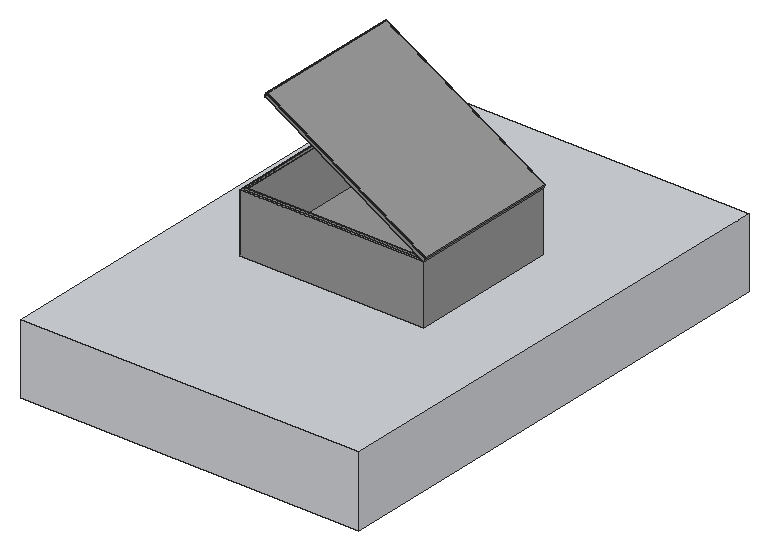
Revit family "Hager-Univers-IP55-D275-H650-Cl.I-Steel_encl-CH-fr", category Equipement électrique, Revit 2020
Family settings
  Hôte = Face
  Configuration du panneau = Deux colonnes, circuits au sein
  Cote de connecteur circulaire = Utiliser le diamètre
  Type d'élément = Tableau de raccordement
  Couper avec des vides une fois chargée = Non
  Partagée = Non
  Point de calcul de pièce = Non
Parameters (values of type "saillie IP55 L800 H650 P275  - FR43E")
  Width Control [instance] = if([EF000008 - largeur] > Min Width, [EF000008 - largeur], Min Width)  # 800 mm
  Commentaires du type = [HG000003 - Gamme]  # "Univers"
  Thickness Door [instance] = if([EF009171 - épaisseur de matériau de la porte/du couvercle] > 3 mm, 3 mm, [EF009171 - épaisseur de matériau de la porte/du couvercle])  # 1.5 mm
  Seal Frame Offset [instance] = 17 mm  # constant formula
  Plinth Visibility [instance] = [HG000027 - Hauteur du socle] > 0 mm  # no
  Model = ""
  Min Width [instance] = 100 mm  # constant formula
  Min Height [instance] = 100 mm  # constant formula
  Min Depth [instance] = (2 * [EF009170 - épaisseur de matériau du boîtier]) + 1 mm  # 4 mm
  Internal Frame Depth [instance] = (Door System Depth * 0.5)  # 9 mm
  Height Control [instance] = if([EF000040 - hauteur] > Min Height, [EF000040 - hauteur], Min Height)  # 650 mm
  HG000027 - Hauteur du socle = 0 mm
  HG000026 - Installation au sol = no
  HG000024 - Hauteur de la section basse = 800 mm
  HG000023 - Armoire double section = no
  HG000016 - Visibilité de la porte 3D [instance] = yes
  HG000015 - Visibilité de l'emprise de la porte [instance] = no
  HG000014 - Porte à droite [instance] = yes
  HG000013 - Porte à gauche [instance] = not([HG000014 - Porte à droite])  # no
  HG000012 - Angle de pivotement de la porte [instance] = 30.00°
  HG000010 - Portes asymétriques = no
  HG000009 - Porte à double battant = no
  HG000006 - Encastré = no
  HG000004 - Référence fabricant = "FR43E"
  HG000003 - Gamme = "Univers"
  HG000002 - avec porte = yes
  Frame Offset Bottom [instance] = 10 mm  # constant formula
  Frame Offset [instance] = 15 mm  # constant formula
  EF015940 - couvercle avec décharge de pression = no
  EF011959 - degré de protection (NEMA) = ""
  EF009554 - nombre d'ouvertures pour plaques à bride = 6
  Fabricant = "Hager"  # constant formula
  EF009212 - finition du couvercle = "EV000116 - fermé"
  EF009171 - épaisseur de matériau de la porte/du couvercle = 1.5 mm
  EF009170 - épaisseur de matériau du boîtier = 1.5 mm
  EF008873 - courant nominal (In) = 800 A
  EF007800 - adapté à un parafoudre = no
  EF006306 - avec serrure = no
  EF006244 - couvercle/porte transparent(e) = no
  EF005474 - indice de protection (IP) = "EV006420 - IP55"
  EF004464 - type de porte = "EV002646 - unique"
  EF004427 - nombre de modules = 144
  EF004293 - indice de protection contre les chocs (IK) = "EV008784 - IK10"
  EF003532 - convient pour utilisation à l’extérieur = no
  EF002950 - largeur en nombre de modules = 24
  EF001613 - maintien de fonction = "EV000494 - sans"
  EF001596 - matériau du boîtier/corps = "EV000179 - acier"
  EF001131 - profondeur intérieure = 275 mm
  EF001088 - possibilité de montage en saillie = yes
  EF000437 - nombre d'entrées de conduit = 6
  EF000339 - type de capot = "EV004216 - porte"
  EF000266 - nombre de rangées = 4
  EF000218 - profondeur d'encastrement = 0 mm
  EF000118 - avec cadre/support de montage = no
  EF000116 - numéro RAL = "7035"
  EF000049 - profondeur = 275 mm
  EF000040 - hauteur = 650 mm
  EF000008 - largeur = 800 mm
  EF000007 - couleur = "EV000270 - gris"
  EF000003 - mode de pose = "EV000384 - saillie"
  Door System Leaf Tolerance [instance] = 1.5 mm  # constant formula
  Door System Depth [instance] = 18 mm  # constant formula
  Door Height [instance] = Height Control - [HG000027 - Hauteur du socle]  # 650 mm
  Depth Control [instance] = if([EF000049 - profondeur] > Min Depth, [EF000049 - profondeur], Min Depth)  # 275 mm
  Default Elevation = 0 mm
  Connector Offset [instance] = Height Control / 2  # 325 mm
  Bottom Top Plate Trim [instance] = 1.5 mm  # constant formula
  Plinth height Ctrl [instance] = if([HG000027 - Hauteur du socle] > 0 mm, [HG000027 - Hauteur du socle], 12 mm)  # 12 mm
Types (5, lengths in mm): name | Width Control | HG000010 - Portes asymétriques | HG000009 - Porte à double battant | HG000004 - Référence fabricant | EF009554 - nombre d'ouvertures pour plaques à bride | EF004464 - type de porte | EF004427 - nombre de modules | EF000437 - nombre d'entrées de conduit | EF000008 - largeur
  saillie IP55 L1050 H650 P275  - FR44E | 1050 | no | yes | "FR44E" | 8 | "EV003602 - double" | 192 | 8 | 1050
  saillie IP55 L1300 H650 P275  - FR45E | 1300 | yes | yes | "FR45E" | 10 | "EV003602 - double" | 240 | 10 | 1300
  saillie IP55 L300 H650 P275  - FR41E | 300 | no | no | "FR41E" | 2 | "EV002646 - unique" | 48 | 2 | 300
  saillie IP55 L550 H650 P275  - FR42E | 550 | no | no | "FR42E" | 4 | "EV002646 - unique" | 96 | 4 | 550
  saillie IP55 L800 H650 P275  - FR43E | 800 | no | no | "FR43E" | 6 | "EV002646 - unique" | 144 | 6 | 800
Reference planes
  plane 1 "Center (Front/Back)": y = 0
  plane 2: z = 0
  plane 3 "Center (Left/Right)": x = 0
  plane 4: z = 275
  plane 5: y = 1.5
  plane 6: y = 325
  plane 7: y = 0
  plane 8: y = 650
  plane 9: z = 0
  plane 10: x = -385
  plane 11: x = 385
  plane 12: x = 383.5
  plane 13: x = -383.5
  plane 14: y = 648.5
  plane 15: x = -383
  plane 16: x = -400
  plane 17: x = 383
  plane 18: x = 400
  plane 19: x = 398.5
  plane 20: x = -398.5
  plane 21: y = 11.5
  plane 22: y = 650
  plane 23: y = 633.5
  plane 24: z = 257
  plane 25: z = 1.5
  plane 26: z = 255.5
  plane 27: z = 273.5
Forms (mm)
  Extrusion 1, solid
    sketch origin (0, 0, 0) x (1, 0, 0) y (0, 1, 0)
      loop
        line (-702.964, 1305) -> (-702.964, -811.445) -> (766.763, -811.445) -> (766.763, 1305) -> (-702.964, 1305)
    from 0 to -304.8
  Extrusion 2, solid, material "Hager_Steel_RAL7035_Light_Grey", visible <- "Plinth Visibility", detail levels medium+fine
    sketch origin (0, 0, 0) x (1, 0, 0) y (0, 1, 0)
      loop
        line (-400, 0) -> (400, 0) -> (400, 12) -> (-400, 12) -> (-400, 0)
    from 0 to 257
  Extrusion 3, solid, material "Hager_Steel_RAL7035_Light_Grey", detail levels medium+fine
    sketch origin (0, 0, 0) x (1, 0, 0) y (0, 1, 0)
      loop
        line (-400, 0) -> (400, 0) -> (400, 650) -> (-400, 650) -> (-400, 0)
    from 0 to 257
  Extrusion 4, void
    sketch origin (0, 0, 0) x (1, 0, 0) y (0, 1, 0)
      loop
        line (-398.5, 1.5) -> (398.5, 1.5) -> (398.5, 648.5) -> (-398.5, 648.5) -> (-398.5, 1.5)
    from 1.5 to 255.5
  Extrusion 5, void
    sketch origin (-381.607, -4572, 257) x (0, -1, 0) y (-1, 0, 0)
      loop
        line (-4583.5, 1.893) -> (-5205.5, 1.893) -> (-5205.5, -765.107) -> (-4583.5, -765.107) -> (-4583.5, 1.893)
    from 0 to 1.5 <- "EF009170 - épaisseur de matériau du boîtier"
  Extrusion 6, solid, material "Hager_Steel_RAL7035_Light_Grey", detail levels fine
    sketch origin (0, 0, 257) x (1, 0, 0) y (0, 1, 0)
      loop
        line (-383.5, 633.5) -> (-383.5, 11.5) -> (383.5, 11.5) -> (383.5, 633.5) -> (-383.5, 633.5)
      loop
        line (-385, 10) -> (385, 10) -> (385, 635) -> (-385, 635) -> (-385, 10)
    from 0 to 9 <- "Internal Frame Depth"
  Extrusion 7, solid, material "Hager_Steel_RAL7035_Light_Grey", detail levels coarse
    sketch origin (0, 0, 0) x (1, 0, 0) y (0, 1, 0)
      loop
        line (-400, 0) -> (400, 0) -> (400, 650) -> (-400, 650) -> (-400, 0)
    from 0 to 275
  Sweep 8, void
    path in 3D
      loop
        line (-400, 12, 0) -> (400, 12, 0) -> (400, 12, 257) -> (-400, 12, 257) -> (-400, 12, 0)
    profile origin (-400, 12, 128.5) x (-1, 0, 0) y (0, -1, 0)
      loop
        line (0, 0) -> (0, 1.5) -> (-1.5, 1.5)
        arc (-1.5, 1.5) -> (-1.061, 0.439) -> (0, 0) r 1.5
Cuts and joins
  Extrusion 4, Extrusion 5 cuts Extrusion 3
  Sweep 8 cuts Extrusion 2
Lines and regions (mm)
  Masking region 1
    outline origin (0, 0, 0) x (1, 0, 0) y (0, 0, 1)
      loop
        line (-400, 275) -> (-400, 0) -> (400, 0) -> (400, 275) -> (-400, 275)
  Masking region 2, detail levels medium+fine
    outline origin (0, 140, 0) x (0, 1, 0) y (0, 0, 1)
      loop
        line (-140, 0) -> (510, 0) -> (510, 257) -> (-140, 257) -> (-140, 0)
  Masking region 3, not visible, detail levels medium+fine
    outline origin (0, 297.922, 0) x (0, 1, 0) y (0, 0, 1)
      loop
        line (38.578, 0) -> (78.578, 0) -> (78.578, 263.5)
        arc (78.578, 263.5) -> (75.649, 270.571) -> (68.578, 273.5) r 10
        line (68.578, 273.5) -> (38.578, 273.5) -> (38.578, 0)
  Masking region 4, detail levels coarse
    outline origin (0, 0, 180) x (0, 1, 0) y (0, 0, 1)
      loop
        line (0, -180) -> (650, -180) -> (650, 95) -> (0, 95) -> (0, -180)
  Masking region 5, visible <- "Plinth Visibility", detail levels medium+fine
    outline origin (0, 52.24, 12.345) x (0, 0, -1) y (0, 1, 0)
      loop
        line (10.845, -40.24) -> (-243.155, -40.24)
        arc (-243.155, -40.24) -> (-243.594, -41.301) -> (-244.655, -41.74) r 1.5
        line (-244.655, -41.74) -> (-244.655, -52.24) -> (12.345, -52.24) -> (12.345, -41.74)
        arc (12.345, -41.74) -> (11.285, -41.301) -> (10.845, -40.24) r 1.5
  Masking region 6, detail levels medium+fine
    outline origin (-381.607, -4572, 257) x (-1, 0, 0) y (0, -1, 0)
      loop
        line (18.393, -5222) -> (18.393, -4572) -> (-781.607, -4572) -> (-781.607, -5222) -> (18.393, -5222)
  Masking region 7, visible <- "Plinth Visibility", detail levels medium+fine
    outline origin (-381.607, -4727, 257) x (-1, 0, 0) y (0, -1, 0)
      loop
        arc (16.893, -4739) -> (17.332, -4737.939) -> (18.393, -4737.5) r 1.5
        line (18.393, -4737.5) -> (18.393, -4727) -> (-781.607, -4727) -> (-781.607, -4737.5)
        arc (-781.607, -4737.5) -> (-780.546, -4737.939) -> (-780.107, -4739) r 1.5
        line (-780.107, -4739) -> (16.893, -4739)
  Masking region 8, detail levels coarse
    outline origin (-442.548, -4669.526, 257) x (-1, 0, 0) y (0, -1, 0)
      loop
        line (-42.548, -5319.526) -> (-42.548, -4669.526) -> (-842.548, -4669.526) -> (-842.548, -5319.526) -> (-42.548, -5319.526)
  sketch lines
    curve 1: line (-400, 12, 257) -> (-400, 12, 0)
    curve 2: line (400, 12, 257) -> (-400, 12, 257)
    curve 3: line (400, 12, 257) -> (400, 12, 0)
    curve 4: line (-400, 12, 0) -> (400, 12, 0)
Dimensions and locks
  "Depth Control": plane 4 to Extrusion 1
  "HG000027 - Hauteur du socle": plane 1 "Center (Front/Back)" to plane 7
  "EF009170 - épaisseur de matériau du boîtier": plane 5 to plane 7
  locked: connector elem to plane 3 "Center (Left/Right)"
  equal spacing: plane 8, plane 6, plane 7
  locked: connector elem to plane 6
  "EF009170 - épaisseur de matériau du boîtier": plane 8 to plane 14
  "EF009170 - épaisseur de matériau du boîtier": plane 10 to plane 13
  "EF009170 - épaisseur de matériau du boîtier": plane 12 to plane 11
  "Frame Offset": plane 20 to plane 13
  "Frame Offset": plane 12 to plane 19
  "EF009170 - épaisseur de matériau du boîtier": plane 16 to plane 20
  "EF009170 - épaisseur de matériau du boîtier": plane 19 to plane 18
  "Seal Frame Offset": plane 16 to plane 15
  "Seal Frame Offset": plane 17 to plane 18
  "Frame Offset Bottom": plane 21 to plane 5
  "Frame Offset": plane 14 to plane 23
  equal spacing: plane 16, plane 3 "Center (Left/Right)", plane 18
  "Width Control": plane 16 to plane 18
  "EF009170 - épaisseur de matériau du boîtier": plane 4 to plane 27
  "EF009170 - épaisseur de matériau du boîtier": plane 24 to plane 26
  "EF009170 - épaisseur de matériau du boîtier": plane 25 to level
  "Door System Depth": plane 4 to plane 24
  "Height Control": plane 1 "Center (Front/Back)" to Extrusion 7 sketch curve
  "Height Control": Masking region 4 sketch curve to plane 1 "Center (Front/Back)"
  "Height Control": plane 1 "Center (Front/Back)" to plane 22
  "Bottom Top Plate Trim": profile plane to Sweep 8 sketch curve
  "Bottom Top Plate Trim": Sweep 8 sketch curve to profile plane
  "Plinth height Ctrl": plane 1 "Center (Front/Back)" to Extrusion 2 sketch curve
  "Plinth height Ctrl": Masking region 5 sketch curve to plane 1 "Center (Front/Back)"
  "Plinth height Ctrl": plane 1 "Center (Front/Back)" to Masking region 7 sketch curve
  "Thickness Door": Extrusion 6 sketch curve to Extrusion 6 sketch curve  (x3)
  "Thickness Door": cut or joined group of Extrusion 3, Extrusion 4, Extrusion 5 to Extrusion 6 sketch curve
  radius of Masking region 3 sketch curve = 10 mm
  "Bottom Top Plate Trim": radius of Masking region 5 sketch curve  (x2)
  "Bottom Top Plate Trim": radius of Sweep 8 sketch curve
  "Bottom Top Plate Trim": radius of Masking region 7 sketch curve  (x2)
  aligned and locked: plane 2 to Extrusion 1
  aligned and locked: level to Extrusion 1
  aligned and locked: level to Masking region 1 sketch curve
  aligned and locked: Masking region 1 sketch curve to plane 18
  aligned and locked: Masking region 1 sketch curve to plane 16
  aligned and locked: plane 7 to Masking region 2 sketch curve
  aligned and locked: level to Masking region 3 sketch curve
  aligned and locked: Masking region 3 sketch curve to plane 27
  aligned and locked: level to Masking region 2 sketch curve
  aligned and locked: plane 1 "Center (Front/Back)" to Extrusion 2 sketch curve
  aligned and locked: Extrusion 3 sketch curve to plane 7
  aligned and locked: plane 16 to Extrusion 3 sketch curve
  aligned and locked: plane 18 to Extrusion 3 sketch curve
  aligned and locked: plane 20 to Extrusion 4 sketch curve
  aligned and locked: plane 19 to Extrusion 4 sketch curve
  aligned and locked: Extrusion 4 sketch curve to plane 5
  aligned and locked: Extrusion 4 to plane 25
  aligned and locked: plane 26 to Extrusion 4
  aligned and locked: plane 24 to Extrusion 3
  aligned and locked: Extrusion 5 sketch curve to plane 21
  aligned and locked: Extrusion 5 sketch curve to plane 13
  aligned and locked: Extrusion 5 sketch curve to plane 12
  aligned and locked: plane 18 to Extrusion 7 sketch curve
  aligned and locked: plane 1 "Center (Front/Back)" to Extrusion 7 sketch curve
  aligned and locked: plane 16 to Extrusion 7 sketch curve
  aligned and locked: plane 4 to Extrusion 7
  aligned and locked: Extrusion 7 to level
  aligned and locked: level to Masking region 4 sketch curve
  aligned and locked: Masking region 4 sketch curve to plane 1 "Center (Front/Back)"
  aligned and locked: Masking region 4 sketch curve to plane 4
  aligned and locked: nested 1 to level
  aligned and locked: nested 1 to plane 16
  aligned and locked: plane 8 to Extrusion 3 sketch curve
  aligned and locked: plane 23 to Extrusion 5 sketch curve
  aligned and locked: plane 14 to Extrusion 4 sketch curve
  aligned and locked: Masking region 2 sketch curve to plane 8
  aligned and locked: level to Masking region 5 sketch curve
  aligned and locked: plane 16 to Extrusion 2 sketch curve
  aligned and locked: plane 18 to Extrusion 2 sketch curve
  aligned and locked: Masking region 5 sketch curve to plane 24
  aligned and locked: Masking region 2 sketch curve to plane 24
  aligned and locked: plane 24 to Extrusion 2
  aligned and locked: profile plane to Sweep 8 sketch curve  (x2)
  aligned and locked: Masking region 6 sketch curve to plane 18
  aligned and locked: Masking region 6 sketch curve to plane 22
  aligned and locked: Masking region 6 sketch curve to plane 16
  aligned and locked: plane 8 to plane 22
  aligned and locked: Masking region 6 sketch curve to plane 7
  aligned and locked: Masking region 7 sketch curve to plane 16
  aligned and locked: Masking region 7 sketch curve to plane 1 "Center (Front/Back)"
  aligned and locked: Masking region 7 sketch curve to plane 18
  aligned and locked: Masking region 8 sketch curve to plane 1 "Center (Front/Back)"
  aligned and locked: Masking region 8 sketch curve to plane 18
  aligned and locked: Masking region 8 sketch curve to plane 22
  aligned and locked: Masking region 8 sketch curve to plane 16
  aligned and locked: nested 2 to plane 7
  aligned and locked: plane 3 "Center (Left/Right)" to nested 2
  aligned and locked: nested 2 to plane 24
  aligned and locked: Extrusion 6 sketch curve to cut or joined group of Extrusion 3, Extrusion 4, Extrusion 5  (x4)
Automatic sketch dimensions
  Extrusion 1 sketch curve to Extrusion 1 sketch curve = 1469.727 mm
  Extrusion 1 sketch curve to Extrusion 1 sketch curve = 2116.445 mm
  Masking region 1 sketch curve to plane 4 = 0 mm
  plane 6 to Masking region 3 sketch curve = 11.5 mm
  Masking region 3 sketch curve to Masking region 3 sketch curve = 30 mm
  Masking region 5 sketch curve to plane 1 "Center (Front/Back)" = 0 mm
Nested families
  nested 1: "Hager_Enclosure_Symbol" at (-400, 0, 0) x (1, 0, 0) z (0, -1, 0), Height <- "Depth Control", Width <- "Width Control", type "Hager_Enclosure_Symbol"
    with Width_Ctrl 800 mm, Width 800 mm, Height_Ctrl 275 mm, Height 275 mm, A_Width_Int 18.047 mm, A_Width 216.562 mm, A_Height_Ctrl 240.625 mm, A_Height 240.625 mm
  nested 2: "EC000058_Univers_Door" at (0, 0, 257) x (1, 0, 0) z (0, 1, 0), Leaf_Tolerance <- "Door System Leaf Tolerance", Angle <- "HG000012 - Angle de pivotement de la porte", Door_Depth <- "Door System Depth", Door_Left <- "HG000013 - Porte à gauche", Transparent <- "EF006244 - couvercle/porte transparent(e)", Assymetrical <- "HG000010 - Portes asymétriques", Width <- "Width Control", Clearance <- "HG000015 - Visibilité de l'emprise de la porte", Double <- "HG000009 - Porte à double battant", 3d_Door <- "HG000016 - Visibilité de la porte 3D", Lock_Visibility <- "EF006306 - avec serrure", Width_Ctrl <- "Width Control", Door_Right <- "HG000014 - Porte à droite", Door <- "HG000002 - avec porte", Height <- "Door Height", Thickness <- "Thickness Door", type "EC000058_Univers_Door", detail levels medium+fine
    with min_wh 4 mm, Width_Ctrl 800 mm, Width 800 mm, Transparent no, Thickness 1.5 mm, Seal_Material Hager_Rubber, Lock_Visibility no, Lock_Material Hager_Plastic_RAL9005_Jet_Black, Leaf_Width 800 mm, Leaf_Tolerance_External_Sides 0 mm, Leaf_Tolerance 1.5 mm, Leaf_Offset 0 mm, Leaf_Height 647 mm, Leaf_2_Width 800 mm, Leaf_2_Offset 400 mm, Leaf_1_Width 800 mm, Leaf_1_Offset 400 mm, Height_Ctrl 650 mm, Height 650 mm, Glass_Material Hager_Glass, Double_Clearance_Ctrl no, Double no, Door_Right_Ctrl yes, Door_Right yes, Door_Material Hager_Steel_RAL7035_Light_Grey, Door_Left_Ctrl no, Door_Left no, Door_Depth 18 mm, Door yes, Clearance_Material Hager_Clearance, Clearance_Depth 800 mm, Clearance_Ctrl no, Clearance no, Assymetrical no, Angle 30.00°, 3d_Door yes
Connectors
  electrical at (0, 325, 0)
    settings: on plane 9, index 1, voltage 0 V, apparent load 0 VA, apparent load phase1 0 VA, apparent load phase2 0 VA, apparent load phase3 0 VA, power factor 1, load classification "Other", number of poles 1, system type 30, power factor state 1, is connector primary yes, connector utility no, sub classification motor no, connector description ""
Definition of nested family "EC000058_Univers_Door"
  Parameters (values of type "EC000058_Univers_Door")
    min_wh [instance] = (2 * Thickness) + 1 mm  # 11 mm
    Width_Ctrl [instance] = 400 mm
    Width [instance] = 500 mm
    Transparent [instance] = yes
    Thickness [instance] = 5 mm
    Seal_Material [instance] = none
    Lock_Visibility [instance] = yes
    Lock_Material [instance] = none
    Leaf_Width [instance] = if((Width_Ctrl - 2 * Leaf_Tolerance_External_Sides) > 0 mm, (Width_Ctrl - 2 * Leaf_Tolerance_External_Sides), min_wh)  # 400 mm
    Leaf_Tolerance_External_Sides [instance] = 0 mm  # constant formula
    Leaf_Tolerance [instance] = 1.5 mm
    Leaf_Offset [instance] = 0 mm  # constant formula
    Leaf_Height [instance] = if((Height_Ctrl - 2 * Leaf_Tolerance) > 0 mm, (Height_Ctrl - 2 * Leaf_Tolerance), min_wh)  # 497 mm
    Leaf_2_Width [instance] = if(and(and(Double, Assymetrical), Door_Left), (Leaf_Width / 3) - (Leaf_Tolerance / 2), if(and(and(Double, Assymetrical), Door_Right), (Leaf_Width / 3) * 2 - (Leaf_Tolerance / 2), if(and(Double, not(Assymetrical)), (Leaf_Width / 2) - Leaf_Tolerance, Leaf_Width)))  # 400 mm
    Leaf_2_Offset [instance] = if(and(Double, Assymetrical), Leaf_2_Width / 2, if(and(Double, not(Assymetrical)), Leaf_Width / 4, Leaf_Width / 2))  # 200 mm
    Leaf_1_Width [instance] = if(and(and(Double, Assymetrical), Door_Right), (Leaf_Width / 3) - (Leaf_Tolerance / 2), if(and(and(Double, Assymetrical), Door_Left), (Width / 3) * 2 - (Leaf_Tolerance / 2), if(and(Double, not(Assymetrical)), (Leaf_Width / 2) - Leaf_Tolerance, Leaf_Width)))  # 400 mm
    Leaf_1_Offset [instance] = if(and(Double, Assymetrical), Leaf_1_Width / 2, if(and(Double, not(Assymetrical)), Leaf_Width / 4, Leaf_Width / 2))  # 200 mm
    Height_Ctrl [instance] = if(Height > min_wh, Height, min_wh)  # 500 mm
    Height [instance] = 500 mm
    Glass_Material [instance] = none
    Double_Clearance_Ctrl [instance] = and(Double, Clearance)  # no
    Double [instance] = no
    Door_Right_Ctrl [instance] = and(or(Door_Right, Double), Door)  # yes
    Door_Right [instance] = yes
    Door_Material [instance] = none
    Door_Left_Ctrl [instance] = and(or(Door_Left, Double), Door)  # no
    Door_Left [instance] = no
    Door_Depth [instance] = 30 mm
    Door [instance] = yes
    Default Elevation = 1219.2 mm
    Clearance_Material [instance] = none
    Clearance_Depth [instance] = if(Leaf_1_Width > Leaf_2_Width, Leaf_1_Width, Leaf_2_Width)  # 400 mm
    Clearance_Ctrl [instance] = and(not(Double), Clearance)  # yes
    Clearance [instance] = yes
    Assymetrical [instance] = yes
    Angle [instance] = 30.00°
    3d_Door [instance] = yes
  Reference planes
    plane 1 "Center (Front/Back)": y = 0
    plane 2 "Bottom": z = 0
    plane 3 "Center (Left/Right)": x = 0
    plane 4: z = 500
    plane 5: x = -200
    plane 6: x = 200
    plane 7: z = 500
    plane 8: x = -200
    plane 9: z = 0
    plane 10: x = 200
    plane 11: y = 0
    plane 12: z = 1.5
    plane 13: x = -600
    plane 14: y = -400
    plane 15: x = 600
    plane 16: x = 0
    plane 17: x = 0
    plane 18: x = -200
    plane 19: x = 200
    plane 20: z = 498.5
  Forms (mm)
    Extrusion 1, solid, material <- "Clearance_Material", visible <- "Double_Clearance_Ctrl"
      sketch origin (1200, 0, 0) x (1, 0, 0) y (0, 0, -1)
        loop
          line (-1800, -498.5) -> (-600, -498.5) -> (-600, 0) -> (-1800, 0) -> (-1800, -498.5)
      from 0 to -400
  Dimensions and locks
    equal spacing: plane 5, plane 3 "Center (Left/Right)", plane 6
    "Width_Ctrl": plane 5 to plane 6
    "Leaf_Offset": plane 5 to plane 8
    "Leaf_Offset": plane 6 to plane 10
    "Leaf_Offset": plane 9 to level
    "Leaf_Offset": plane 4 to plane 7
    "Height_Ctrl": plane 4 to level
    "Leaf_Tolerance": plane 12 to plane 9
    locked: plane 11 to plane 1 "Center (Front/Back)"
    "Leaf_1_Offset": plane 18 to plane 16
    "Leaf_2_Offset": plane 17 to plane 19
    "Leaf_1_Width": plane 13 to plane 8
    "Leaf_2_Width": plane 10 to plane 15
    "Clearance_Depth": plane 14 to plane 1 "Center (Front/Back)"
    "Leaf_Tolerance_External_Sides": plane 8 to plane 18
    "Leaf_Tolerance_External_Sides": plane 19 to plane 10
    "Leaf_Tolerance": plane 7 to plane 20
    aligned and locked: level to plane 2 "Bottom"
    aligned and locked: nested 1 to plane 16
    aligned and locked: nested 2 to plane 17
    aligned and locked: Extrusion 1 to plane 13
    aligned and locked: plane 15 to Extrusion 1
    aligned and locked: Extrusion 1 to plane 14
    aligned and locked: plane 12 to nested 1
    aligned and locked: nested 2 to plane 12
    aligned and locked: Extrusion 1 to plane 11
    aligned and locked: plane 20 to Extrusion 1
    aligned and locked: nested 2 to plane 11
    aligned and locked: nested 1 to plane 11
  Automatic sketch dimensions
    Extrusion 1 sketch curve to level = 0 mm
    plane 5 to Extrusion 1 sketch curve = 400 mm
    plane 6 to Extrusion 1 sketch curve = 400 mm
    Extrusion 1 sketch curve to plane 4 = 1.5 mm
  Nested families
    nested 1: "EC000058_Univers_Door_Leaf" at (0, 0, 1.5), Width <- "Leaf_1_Width", visible <- "Door_Left_Ctrl", Leaf_Height <- "Leaf_Height", Angle <- "Angle", 3d_Door <- "3d_Door", Transparent <- "Transparent", Clearance Material <- "Clearance_Material", Clearance <- "Clearance_Ctrl", Door_Material <- "Door_Material", Glass_Material <- "Glass_Material", Door_Depth <- "Door_Depth", Lock_Material <- "Lock_Material", Seal_Material <- "Seal_Material", Lock_Visibility <- "Lock_Visibility", Thickness <- "Thickness", type "EC000058_Univers_Door_Leaf"
      with Width 400 mm, Transparent_Glass_Offset 30 mm, Transparent_Ctrl yes, Transparent yes, Thickness 5 mm, Standard no, Seal_Material none, Seal_D2 8 mm, Seal_D1 1 mm, Offset_Internal_Frame 10 mm, Lock_Width 20 mm, Lock_Visibility_3d yes, Lock_Visibility yes, Lock_Thickness_3 3 mm, Lock_Thickness_2 1 mm, Lock_Thickness_1 3 mm, Lock_Radius_Offset_2 16 mm, Lock_Radius_Offset_1 15 mm, Lock_Radius_2 5 mm, Lock_Radius 6 mm, Lock_Offset 5 mm, Lock_Material none, Lock_Height 80 mm, Lock_Cover_Top_Offset_2d 17 mm, Lock_Cover_Height -65 mm, Leaf_Height 497 mm, Internal_Seal_Thickness 8 mm, Internal_Seal_Depth_2 4.5 mm, Internal_Frame_Depth 25 mm, Glass_Thickness -1 mm, Glass_Offset -2 mm, Glass_Material none, Door_Material none, Door_Depth 30 mm, Clearance Material none, Clearance yes, Angle_Ctrl 30.00°, Angle 30.00°, 3d_Door yes
    nested 2: "EC000058_Univers_Door_Leaf" at (0, 0, 1.5) x (-1, 0, 0) z (0, 0, 1), Width <- "Leaf_2_Width", visible <- "Door_Right_Ctrl", Leaf_Height <- "Leaf_Height", Angle <- "Angle", 3d_Door <- "3d_Door", Transparent <- "Transparent", Clearance Material <- "Clearance_Material", Clearance <- "Clearance_Ctrl", Door_Material <- "Door_Material", Glass_Material <- "Glass_Material", Door_Depth <- "Door_Depth", Lock_Material <- "Lock_Material", Seal_Material <- "Seal_Material", Lock_Visibility <- "Lock_Visibility", Thickness <- "Thickness", type "EC000058_Univers_Door_Leaf"
      with Width 400 mm, Transparent_Glass_Offset 30 mm, Transparent_Ctrl yes, Transparent yes, Thickness 5 mm, Standard no, Seal_Material none, Seal_D2 8 mm, Seal_D1 1 mm, Offset_Internal_Frame 10 mm, Lock_Width 20 mm, Lock_Visibility_3d yes, Lock_Visibility yes, Lock_Thickness_3 3 mm, Lock_Thickness_2 1 mm, Lock_Thickness_1 3 mm, Lock_Radius_Offset_2 16 mm, Lock_Radius_Offset_1 15 mm, Lock_Radius_2 5 mm, Lock_Radius 6 mm, Lock_Offset 5 mm, Lock_Material none, Lock_Height 80 mm, Lock_Cover_Top_Offset_2d 17 mm, Lock_Cover_Height -65 mm, Leaf_Height 497 mm, Internal_Seal_Thickness 8 mm, Internal_Seal_Depth_2 4.5 mm, Internal_Frame_Depth 25 mm, Glass_Thickness -1 mm, Glass_Offset -2 mm, Glass_Material none, Door_Material none, Door_Depth 30 mm, Clearance Material none, Clearance yes, Angle_Ctrl 30.00°, Angle 30.00°, 3d_Door yes
  Definition of nested family "EC000058_Univers_Door_Leaf"
    Parameters (values of type "EC000058_Univers_Door_Leaf")
      Width [instance] = 2000 mm
      Transparent_Glass_Offset [instance] = 30 mm
      Transparent_Ctrl [instance] = and(Transparent, [3d_Door])  # yes
      Transparent [instance] = yes
      Thickness [instance] = 5 mm
      Standard [instance] = and(not(Transparent), [3d_Door])  # no
      Seal_Material [instance] = none
      Seal_D2 [instance] = 8 mm  # constant formula
      Seal_D1 [instance] = 1 mm  # constant formula
      Offset_Internal_Frame [instance] = 10 mm  # constant formula
      Lock_Width [instance] = 20 mm  # constant formula
      Lock_Visibility_3d [instance] = and(Lock_Visibility, [3d_Door])  # yes
      Lock_Visibility [instance] = yes
      Lock_Thickness_3 [instance] = 3 mm  # constant formula
      Lock_Thickness_2 [instance] = 1 mm  # constant formula
      Lock_Thickness_1 [instance] = 3 mm  # constant formula
      Lock_Radius_Offset_2 [instance] = Lock_Radius_Offset_1 + 1 mm  # 16 mm
      Lock_Radius_Offset_1 [instance] = 15 mm  # constant formula
      Lock_Radius_2 [instance] = Lock_Radius - 1 mm  # 5 mm
      Lock_Radius [instance] = 6 mm  # constant formula
      Lock_Offset [instance] = 5 mm  # constant formula
      Lock_Material [instance] = none
      Lock_Height [instance] = 80 mm  # constant formula
      Lock_Cover_Top_Offset_2d [instance] = Lock_Radius_Offset_2 + 1 mm  # 17 mm
      Lock_Cover_Height [instance] = -(Lock_Height - Lock_Radius_Offset_1)  # -65 mm
      Leaf_Height [instance] = 2720.336 mm
      Internal_Seal_Thickness [instance] = 8 mm  # constant formula
      Internal_Seal_Depth_2 [instance] = 4.5 mm  # constant formula
      Internal_Frame_Depth [instance] = if(Door_Depth - Thickness > 5 mm, Door_Depth - Thickness, 5 mm)  # 25 mm
      Glass_Thickness [instance] = if(Thickness > 15 mm, Glass_Offset + 10 mm, -1 mm)  # -1 mm
      Glass_Offset [instance] = if(Thickness > 15 mm, -(Thickness + 10 mm) / 2, -2 mm)  # -2 mm
      Glass_Material [instance] = none
      Door_Material [instance] = none
      Door_Depth [instance] = 30 mm
      Default Elevation = 0 mm
      Clearance Material [instance] = none
      Clearance [instance] = yes
      Angle_Ctrl [instance] = if(Angle > 180.00°, 180.00°, Angle)  # 90.00°
      Angle [instance] = 90.00°
      3d_Door [instance] = yes
    Reference planes
      plane 1 "Center (Front/Back)": y = 0
      plane 2: z = 0
      plane 3 "Center (Left/Right)": x = 0
      plane 4: y = 2000
      plane 5: x = -1000
      plane 6: x = 1000
      plane 7: x = -3000
      plane 8: z = 2720.336
      plane 9: z = 30
      plane 10: z = 2690.336
      plane 11: x = 970
      plane 12: x = -970
      plane 13: y = -3
      plane 14: z = 107.833
      plane 15: y = -5
      plane 16: y = -223.314
      plane 17: x = -1000
      plane 18: z = 1360.168
      plane 19: y = 30
    Forms (mm)
      Extrusion 1, solid, material <- "Clearance Material", visible <- "Clearance"
        sketch origin (0, 0, 0) x (1, 0, 0) y (0, 0, 1)
          loop
            line (-3000, 2720.336) -> (-3000, 0) -> (1000, 0) -> (1000, 2720.336) -> (-3000, 2720.336)
        from 0 to -2000
      Extrusion 2, solid, material <- "Door_Material", visible <- "Standard", detail levels medium+fine
        sketch origin (-1000, 0, 0) x (0, 1, 0) y (-1, 0, 0)
          loop
            line (0, 30) -> (0, 25) -> (2000, 25) -> (2000, 30) -> (0, 30)
        from 0 to 2720.336 <- "Leaf_Height"
      Extrusion 3, solid, material <- "Door_Material", visible <- "Transparent_Ctrl", detail levels medium+fine
        sketch origin (-1000, 0, 0) x (0, 1, 0) y (-1, 0, 0)
          loop
            line (0, 25) -> (2000, 25) -> (2000, 30) -> (0, 30) -> (0, 25)
        from 0 to 2720.336 <- "Leaf_Height"
      Extrusion 4, void
        sketch origin (-1025, 2000, 0) x (0, 1, 0) y (0, 0, -1)
          loop
            line (-30, -2690.336) -> (-30, -30) -> (-1970, -30) -> (-1970, -2690.336) -> (-30, -2690.336)
        from 0 to 5 <- "Thickness"
      Sweep 5, solid, material <- "Seal_Material", visible <- "Transparent_Ctrl", detail levels fine
        path in 3D
          loop
            line (-1025, 30, 30) -> (-1025, 30, 2690.336) -> (-1025, 1970, 2690.336) -> (-1025, 1970, 30) -> (-1025, 30, 30)
        profile origin (-1025, 1000, 30) x (1, 0, 0) y (0, 0, 1)
          loop
            line (0, 0) -> (0, -8) -> (1, -8) -> (1, 0) -> (0, 0)
      Extrusion 6, solid, material <- "Glass_Material", visible <- "Transparent_Ctrl", detail levels medium+fine
        sketch origin (-1030, 0, 0) x (0, 1, 0) y (0, 0, -1)
          loop
            line (1970, -2690.336) -> (1970, -30) -> (30, -30) -> (30, -2690.336) -> (1970, -2690.336)
        from -2 <- "Glass_Offset" to -1 <- "Glass_Thickness"
      Extrusion 7, solid, material <- "Door_Material", visible <- "3d_Door", detail levels medium+fine
        sketch origin (-1025, 2000, 0) x (0, -1, 0) y (0, 0, -1)
          loop
            line (0, -2720.336) -> (2000, -2720.336) -> (2000, 0) -> (0, 0) -> (0, -2720.336)
          loop
            line (1995, -5) -> (5, -5) -> (5, -2715.336) -> (1995, -2715.336) -> (1995, -5)
        from 0 to 25 <- "Internal_Frame_Depth"
      Sweep 8, solid, material <- "Seal_Material", visible <- "Transparent_Ctrl", detail levels fine
        path in 3D
          loop
            line (-1025, 0, 0) -> (-1025, 2000, 0) -> (-1025, 2000, 2720.336) -> (-1025, 0, 2720.336) -> (-1025, 0, 0)
        profile origin (-1025, 0, 1360.168) x (1, 0, 0) y (0, 1, 0)
          loop
            line (0, 10) -> (2.975, 10)
            arc (2.975, 10) -> (4.053, 10.447) -> (4.5, 11.525) r 1.525
            line (4.5, 11.525) -> (4.5, 16.527)
            arc (4.5, 16.527) -> (4.069, 17.569) -> (3.027, 18) r 1.473
            line (3.027, 18) -> (0, 18) -> (0, 10)
      Extrusion 9, solid, material <- "Lock_Material", visible <- "Lock_Visibility_3d", detail levels fine
        sketch origin (-1030, 0, 0) x (0, 1, 0) y (0, 0, -1)
          loop
            arc (1993.5, -1400.168) -> (1994.561, -1399.729) -> (1995, -1398.668) r 1.5
            line (1995, -1398.668) -> (1995, -1320.168) -> (1975, -1320.168) -> (1975, -1398.668)
            arc (1975, -1398.668) -> (1975.439, -1399.729) -> (1976.5, -1400.168) r 1.5
            line (1976.5, -1400.168) -> (1993.5, -1400.168)
        from 3 <- "Lock_Thickness_1" to 0
      Blend 10, solid, material <- "Lock_Material", visible <- "Lock_Visibility_3d", detail levels fine
        base sketch origin (-1033, 0, 0) x (0, 1, 0) y (0, 0, -1)
          loop
            line (1975, -1320.168) -> (1975, -1398.668)
            arc (1975, -1398.668) -> (1975.439, -1399.729) -> (1976.5, -1400.168) r 1.5
            line (1976.5, -1400.168) -> (1993.5, -1400.168)
            arc (1993.5, -1400.168) -> (1994.561, -1399.729) -> (1995, -1398.668) r 1.5
            line (1995, -1398.668) -> (1995, -1320.168) -> (1975, -1320.168)
        top sketch origin (-1033, 0, 0) x (0, 1, 0) y (0, 0, -1)
          loop
            line (1976, -1320.168) -> (1976, -1398.668)
            arc (1976, -1398.668) -> (1976.146, -1399.022) -> (1976.5, -1399.168) r 0.5
            line (1976.5, -1399.168) -> (1993.5, -1399.168)
            arc (1993.5, -1399.168) -> (1993.854, -1399.022) -> (1994, -1398.668) r 0.5
            line (1994, -1398.668) -> (1994, -1320.168) -> (1976, -1320.168)
        from 0 to 1 <- "Lock_Thickness_2"
      Blend 11, solid, material <- "Lock_Material", visible <- "Lock_Visibility_3d", detail levels fine
        base sketch origin (-1034, 0, 0) x (0, 1, 0) y (0, 0, -1)
          loop
            line (1978, -1320.168) -> (1978, -1384.168)
            arc (1978, -1384.168) -> (1985, -1391.168) -> (1992, -1384.168) r 7
            line (1992, -1384.168) -> (1992, -1320.168) -> (1978, -1320.168)
        top sketch origin (-1034, 0, 0) x (0, 1, 0) y (0, 0, -1)
          loop
            line (1991, -1320.168) -> (1979, -1320.168) -> (1979, -1383.168)
            arc (1979, -1383.168) -> (1985, -1389.168) -> (1991, -1383.168) r 6
            line (1991, -1383.168) -> (1991, -1320.168)
        from 0 to 3 <- "Lock_Thickness_3"
      Extrusion 12, solid, material <- "Lock_Material", visible <- "Lock_Visibility_3d", detail levels fine
        sketch origin (-1030, 1975, 1320.168) x (1, 0, 0) y (0, -1, 0)
          loop
            line (-7, -19) -> (-7, -1) -> (0, -1) -> (0, 0) -> (-8, 0) -> (-8, -20) -> (0, -20) -> (0, -19) -> (-7, -19)
        from 0 to -65 <- "Lock_Cover_Height"
      Extrusion 13, void
        sketch origin (-1038, 1995, 1320.168) x (-1, 0, 0) y (0, 0, -1)
          loop
            line (-5, -65) -> (0, -65) -> (-5, -60) -> (-5, -65)
        from 0 to 20 <- "Lock_Width"
      Extrusion 14, void
        sketch origin (-1038, 1975, 1320.168) x (0, -1, 0) y (0, 0, -1)
          loop
            circle (-10, -15.995) r 6
          loop
            circle (-10, -15.995) r 5
        from 0 to 2
      Extrusion 15, solid, material <- "Lock_Material", visible <- "Lock_Visibility_3d", detail levels medium
        sketch origin (-1030, 0, 0) x (0, 1, 0) y (0, 0, -1)
          loop
            arc (1993.5, -1400.168) -> (1994.561, -1399.729) -> (1995, -1398.668) r 1.5
            line (1995, -1398.668) -> (1995, -1320.168) -> (1975, -1320.168) -> (1975, -1398.668)
            arc (1975, -1398.668) -> (1975.439, -1399.729) -> (1976.5, -1400.168) r 1.5
            line (1976.5, -1400.168) -> (1993.5, -1400.168)
        from 8 to 0
    Cuts and joins
      Extrusion 4 cuts Extrusion 3
      Extrusion 13, Extrusion 14 cuts Extrusion 9
      Extrusion 14 cuts Blend 11
      Extrusion 13, Extrusion 14 cuts Extrusion 12
      joined: Extrusion 9, Blend 10, Blend 11, Extrusion 12
      Extrusion 14 cuts Extrusion 15
    Lines and regions (mm)
      Masking region 1, visible <- "Lock_Visibility", detail levels fine
        outline origin (0, 0, 0) x (0, 1, 0) y (0, 0, 1)
          loop
            line (30, 1320.168) -> (33, 1320.168) -> (33, 1400.168) -> (30, 1400.168) -> (30, 1320.168)
      Masking region 2, visible <- "Lock_Visibility", detail levels fine
        outline origin (0, 3.143, 0) x (0, 1, 0) y (0, 0, 1)
          loop
            line (29.857, 1354.168) -> (30.857, 1354.168) -> (30.857, 1366.168) -> (29.857, 1366.168) -> (29.857, 1354.168)
      Masking region 3, detail levels medium+fine
        outline origin (0, 0, 0) x (0, 1, 0) y (0, 0, 1)
          loop
            line (0, 0) -> (30, 0) -> (30, 2720.336) -> (0, 2720.336) -> (0, 0)
      Masking region 4, detail levels medium+fine
        outline origin (0, 0, 0) x (1, 0, 0) y (0, 0, 1)
          loop
            line (-1000, 2720.336) -> (-1000, 0) -> (1000, 0) -> (1000, 2720.336) -> (-1000, 2720.336)
      Masking region 5, visible <- "Lock_Visibility", detail levels fine
        outline origin (-47.116, 0, 0) x (1, 0, 0) y (0, 0, 1)
          loop
            arc (1024.616, 1399.168) -> (1023.556, 1398.729) -> (1023.116, 1397.668) r 1.5
            line (1023.116, 1397.668) -> (1023.116, 1320.168) -> (1041.116, 1320.168) -> (1041.116, 1397.668)
            arc (1041.116, 1397.668) -> (1040.677, 1398.729) -> (1039.616, 1399.168) r 1.5
            line (1039.616, 1399.168) -> (1024.616, 1399.168)
      Masking region 6, visible <- "Lock_Visibility", detail levels medium+fine
        outline origin (-25, 0, 0) x (1, 0, 0) y (0, 0, 1)
          loop
            arc (1001.5, 1400.168) -> (1000.439, 1399.729) -> (1000, 1398.668) r 1.5
            line (1000, 1398.668) -> (1000, 1320.168) -> (1020, 1320.168) -> (1020, 1398.668)
            arc (1020, 1398.668) -> (1019.561, 1399.729) -> (1018.5, 1400.168) r 1.5
            line (1018.5, 1400.168) -> (1001.5, 1400.168)
      Masking region 7, visible <- "Lock_Visibility", detail levels fine
        outline origin (-73.735, 0, 0) x (1, 0, 0) y (0, 0, 1)
          loop
            line (1051.735, 1382.168) -> (1065.735, 1382.168) -> (1065.735, 1384.168)
            arc (1065.735, 1384.168) -> (1058.735, 1391.168) -> (1051.735, 1384.168) r 7
            line (1051.735, 1384.168) -> (1051.735, 1382.168)
      Masking region 8, visible <- "Lock_Visibility", detail levels fine
        outline origin (-73.735, 0, 0) x (1, 0, 0) y (0, 0, 1)
          loop
            line (1052.735, 1382.168) -> (1064.735, 1382.168) -> (1064.735, 1383.168)
            arc (1064.735, 1383.168) -> (1058.735, 1389.168) -> (1052.735, 1383.168) r 6
            line (1052.735, 1383.168) -> (1052.735, 1382.168)
      Masking region 9, visible <- "Lock_Visibility", detail levels fine
        outline origin (-25, 0, 0) x (1, 0, 0) y (0, 0, 1)
          loop
            line (1020, 1320.168) -> (1020, 1382.168) -> (1000, 1382.168) -> (1000, 1320.168) -> (1020, 1320.168)
      Masking region 10, detail levels medium+fine
        outline origin (0, 0, 0) x (1, 0, 0) y (0, 0, 1)
          loop
            circle (985, 1335.144) r 6
      Masking region 11, detail levels fine
        outline origin (0, 0, 0) x (1, 0, 0) y (0, 0, 1)
          loop
            circle (985, 1335.144) r 5
      Masking region 12, visible <- "Lock_Visibility", detail levels fine
        outline origin (0, 12.767, 0) x (0, 1, 0) y (0, 0, 1)
          loop
            line (20.233, 1320.168) -> (21.233, 1320.168) -> (21.233, 1399.168) -> (20.233, 1400.168) -> (20.233, 1320.168)
      Masking region 13, visible <- "Lock_Visibility", detail levels fine
        outline origin (0, 13.767, -10) x (0, 1, 0) y (0, 0, 1)
          loop
            line (20.233, 1330.168) -> (23.233, 1330.168) -> (23.233, 1399.168) -> (20.233, 1402.168) -> (20.233, 1330.168)
      Masking region 14, visible <- "Lock_Visibility", detail levels fine
        outline origin (0, 12.767, -10) x (0, 1, 0) y (0, 0, 1)
          loop
            line (20.233, 1330.168) -> (25.233, 1330.168) -> (25.233, 1399.305) -> (20.233, 1394.305) -> (20.233, 1330.168)
      Masking region 15, visible <- "Lock_Visibility", detail levels medium
        outline origin (0, 0, 0) x (0, 1, 0) y (0, 0, 1)
          loop
            line (30, 1320.168) -> (38, 1320.168) -> (38, 1400.168) -> (30, 1400.168) -> (30, 1320.168)
      Masking region 16, visible <- "Lock_Visibility", detail levels fine
        outline origin (-1000, 0, 0) x (0, 1, 0) y (-1, 0, 0)
          loop
            line (1975, 30) -> (1995, 30) -> (1995, 38) -> (1975, 38) -> (1975, 30)
          loop
            line (1979, 37) -> (1976, 37) -> (1976, 34) -> (1978, 34) -> (1979, 37)
          loop
            line (1994, 37) -> (1991, 37) -> (1992, 34) -> (1994, 34) -> (1994, 37)
      Masking region 17, visible <- "Lock_Visibility", detail levels medium
        outline origin (-1000, 0, 0) x (0, 1, 0) y (-1, 0, 0)
          loop
            line (1975, 30) -> (1995, 30) -> (1995, 38) -> (1975, 38) -> (1975, 30)
      symbolic lines
        curve 1: line (1000, 0, 0) -> (-3000, 0, 0)
        curve 2: arc (1000, 0, 0) -> (-1000, 2000, 0) -> (-3000, 0, 0) r 2000
        curve 4: line (-1030, 0, 0) -> (-1030, 2000, 0)
      reference lines
        curve 3: line (-1000, 0, 0) -> (-1000, 2000, 0)
      symbolic lines, detail levels medium+fine
        curve 5: line (-1030, 2000, 0) -> (-1025, 2000, 0)
        curve 7: line (-1025, 0, 0) -> (-1030, 0, 0)
        curve 8: line (-1025, 0, 0) -> (-1000, 0, 0)
        curve 9: line (-1000, 0, 0) -> (-1000, 2000, 0)
        curve 10: line (-1000, 2000, 0) -> (-1025, 2000, 0)
      symbolic lines, detail levels fine
        curve 6: line (-1025, 2000, 0) -> (-1025, 0, 0)
      sketch lines
        curve 11: line (-1025, 0, 2720.336) -> (-1025, 0, 0)
        curve 12: line (-1025, 2000, 0) -> (-1025, 0, 0)
        curve 13: line (-1025, 2000, 2720.336) -> (-1025, 2000, 0)
        curve 14: line (-1025, 0, 2720.336) -> (-1025, 2000, 2720.336)
        curve 15: line (-1025, 1970, 30) -> (-1025, 30, 30)
        curve 16: line (-1025, 30, 30) -> (-1025, 30, 2690.336)
        curve 17: line (-1025, 1970, 2690.336) -> (-1025, 1970, 30)
        curve 18: line (-1025, 30, 2690.336) -> (-1025, 1970, 2690.336)
      symbolic lines, visible <- "Transparent", detail levels medium+fine
        curve 19: line (-970, 0, 2690.336) -> (970, 0, 2690.336)
        curve 20: line (-970, 0, 30) -> (-970, 0, 2690.336)
        curve 21: line (970, 0, 30) -> (-970, 0, 30)
        curve 22: line (970, 0, 2690.336) -> (970, 0, 30)
    Dimensions and locks
      "Width": plane 1 "Center (Front/Back)" to plane 4
      equal spacing: plane 5, plane 3 "Center (Left/Right)", plane 6
      "Width": plane 5 to plane 6
      "Width": plane 7 to plane 5
      "Leaf_Height": plane 8 to level
      "Width": curve 5 to curve 3
      "Width": curve 3 to curve 3
      plane 8 to plane 10 = 30 mm
      plane 9 to level = 30 mm
      plane 12 to plane 5 = 30 mm
      plane 6 to plane 11 = 30 mm
      Extrusion 1 to Extrusion 4 sketch curve = 30 mm
      "Transparent_Glass_Offset": curve 3 to Extrusion 4 sketch curve
      "Transparent_Glass_Offset": Extrusion 4 sketch curve to cut or joined group of Extrusion 3, Extrusion 4  (x2)
      cut or joined group of Extrusion 3, Extrusion 4 to Extrusion 6 sketch curve = 30 mm
      "Transparent_Glass_Offset": cut or joined group of Extrusion 3, Extrusion 4 to Extrusion 4 sketch curve
      "Thickness": curve 6 to curve 4
      "Thickness": Extrusion 7 sketch curve to Extrusion 7 sketch curve  (x4)
      "Door_Depth": curve 4 to curve 3
      "Offset_Internal_Frame": profile plane to Sweep 8 sketch curve
      "Internal_Seal_Thickness": Sweep 8 sketch curve to Sweep 8 sketch curve
      "Internal_Seal_Depth_2": profile plane to Sweep 8 sketch curve
      "Seal_D1": profile plane to Sweep 5 sketch curve
      "Seal_D2": profile plane to Sweep 5 sketch curve
      "Thickness": Extrusion 2 sketch curve to Extrusion 2 sketch curve
      equal spacing: Extrusion 9 sketch curve, plane 18, Extrusion 9 sketch curve  (x2)
      equal spacing: Masking region 1 sketch curve, plane 18, Masking region 1 sketch curve
      "Lock_Height": Masking region 1 sketch curve to Masking region 1 sketch curve
      "Lock_Radius": Masking region 2 sketch curve to plane 18 to Masking region 2 sketch curve
      Masking region 2 sketch curve to Masking region 1 = 1 mm
      "Door_Depth": plane 19 to plane 1 "Center (Front/Back)"
      "Lock_Thickness_1": Masking region 1 sketch curve to plane 19
      "Lock_Width": Extrusion 9 sketch curve to Extrusion 9 sketch curve
      "Lock_Height": Extrusion 9 sketch curve to Extrusion 9 sketch curve
      "Lock_Offset": cut or joined group of Extrusion 3, Extrusion 4 to Extrusion 9 sketch curve
      equal spacing: plane 8, plane 18, level
      "Lock_Radius_Offset_1": Blend 11 sketch curve to Blend 10
      locked: Blend 10 to Blend 11 sketch curve at 2  (x2)
      locked: var sketch to Blend 11 sketch curve at 1  (x2)
      "Lock_Radius_Offset_2": Blend 11 sketch curve to Blend 10
      locked: Extrusion 12 sketch curve to Extrusion 12 sketch curve at 1  (x3)
      Masking region 6 sketch curve to Masking region 6 sketch curve = 80 mm
      "Lock_Height": Masking region 6 sketch curve to Masking region 6 sketch curve
      "Lock_Width": Masking region 6 sketch curve to Masking region 6 sketch curve
      locked: Masking region 6 to Masking region 5 sketch curve at 1  (x3)
      locked: Masking region 5 to Masking region 7 sketch curve at 2  (x2)
      "Lock_Radius_Offset_1": Masking region 5 to Masking region 7 sketch curve
      "Lock_Radius_Offset_2": Masking region 5 to Masking region 8 sketch curve
      locked: Masking region 7 to Masking region 8 sketch curve at 1  (x2)
      "Lock_Cover_Top_Offset_2d": Masking region 5 to Masking region 9 sketch curve
      equal spacing: Masking region 9, Masking region 10 sketch curve, Masking region 9
      equal spacing: Masking region 9, Masking region 11 sketch curve, Masking region 9
      Extrusion 15 sketch curve to Extrusion 15 sketch curve = 80 mm
      "Lock_Width": Extrusion 15 sketch curve to Extrusion 15 sketch curve
      "Lock_Height": Extrusion 15 sketch curve to Extrusion 15 sketch curve
      equal spacing: Extrusion 15 sketch curve, plane 18, Extrusion 15 sketch curve
      "Lock_Thickness_3": Masking region 13 sketch curve to Masking region 13 sketch curve
      "Lock_Height": Masking region 12 sketch curve to Masking region 12 sketch curve
      locked: Masking region 13 sketch curve to Masking region 1 at 8
      locked: Masking region 14 sketch curve to Masking region 13 at 1
      locked: Masking region 14 sketch curve to Masking region 1 at 10.863
      "Lock_Height": Masking region 15 sketch curve to Masking region 15 sketch curve
      "Lock_Offset": Extrusion 15 sketch curve to cut or joined group of Extrusion 3, Extrusion 4
      "Lock_Offset": plane 6 to Masking region 6 sketch curve
      radius of Sweep 8 sketch curve = 1.525 mm
      radius of Sweep 8 sketch curve = 1.473 mm
      radius of Extrusion 9 sketch curve = 1.5 mm  (x2)
      "Lock_Radius": radius of Extrusion 14 sketch curve
      "Lock_Radius_2": radius of Extrusion 14 sketch curve
      "Lock_Radius": radius of Masking region 10 sketch curve
      "Lock_Radius_2": radius of Masking region 11 sketch curve
      radius of Extrusion 15 sketch curve = 1.5 mm  (x2)
      "Angle_Ctrl": angle plane 1 "Center (Front/Back)" to curve 3
      locked: Masking region 12 sketch curve to Masking region 12 sketch curve (angle 45.00°)
      locked: Masking region 13 sketch curve to Masking region 13 sketch curve (angle 45.00°)
      locked: Masking region 14 sketch curve to Masking region 14 sketch curve (angle 45.00°)
      aligned and locked: level to plane 2
      aligned and locked: Extrusion 1 to curve 1
      aligned and locked: plane 6 to Extrusion 1
      aligned and locked: Extrusion 1 to plane 1 "Center (Front/Back)"
      aligned and locked: plane 4 to Extrusion 1
      aligned and locked: plane 8 to Extrusion 1
      aligned and locked: curve 7 to Extrusion 2 sketch curve
      aligned and locked: curve 5 to Extrusion 2 sketch curve
      aligned and locked: curve 7 to Extrusion 3 sketch curve
      aligned and locked: Extrusion 3 sketch curve to curve 4
      aligned and locked: Extrusion 3 sketch curve to curve 6
      aligned and locked: Extrusion 3 sketch curve to curve 5
      aligned and locked: curve 9 to curve 3
      aligned and locked: Extrusion 7 sketch curve to cut or joined group of Extrusion 3, Extrusion 4  (x4)
      aligned and locked: plane 17 to curve 3
      aligned and locked: plane 1 "Center (Front/Back)" to curve 3
      aligned and locked: plane 17 to plane 5
      aligned and locked: Sweep 8 sketch curve to profile plane
      aligned and locked: Sweep 5 sketch curve to profile plane  (x2)
      aligned and locked: Masking region 1 to Masking region 2 sketch curve
      aligned and locked: plane 19 to Masking region 1 sketch curve
      aligned and locked: plane 1 "Center (Front/Back)" to Masking region 3 sketch curve
      aligned and locked: plane 19 to Masking region 3 sketch curve
      aligned and locked: level to Masking region 3 sketch curve
      aligned and locked: Masking region 3 sketch curve to plane 8
      aligned and locked: plane 17 to Masking region 4 sketch curve
      aligned and locked: level to Masking region 4 sketch curve
      aligned and locked: Masking region 4 sketch curve to plane 8
      aligned and locked: plane 12 to curve 20
      aligned and locked: plane 10 to curve 19
      aligned and locked: plane 11 to curve 22
      aligned and locked: curve 21 to plane 9
      aligned and locked: Extrusion 2 sketch curve to cut or joined group of Extrusion 3, Extrusion 4
      aligned and locked: Blend 10 sketch curve to Extrusion 9  (x4)
      aligned and locked: Extrusion 9 to Blend 10 sketch curve
      aligned and locked: Blend 10 to Blend 11 sketch curve
      aligned and locked: Extrusion 12 sketch curve to Blend 11
      aligned and locked: Extrusion 12 sketch curve to Extrusion 9  (x4)
      aligned and locked: Masking region 5 sketch curve to Masking region 6
      aligned and locked: Masking region 9 sketch curve to Masking region 6  (x3)
      aligned and locked: Masking region 12 sketch curve to Masking region 1
      aligned and locked: Masking region 13 sketch curve to Masking region 1
      aligned and locked: Masking region 12 to Masking region 14
      aligned and locked: Masking region 14 sketch curve to Masking region 1
      aligned and locked: Masking region 15 sketch curve to Masking region 14
      aligned and locked: Masking region 13 sketch curve to Masking region 12
      aligned and locked: Masking region 16 sketch curve to cut or joined group of Extrusion 14, Extrusion 15  (x4)
      aligned and locked: Masking region 16 sketch curve to cut or joined group of Extrusion 9, Blend 10, Blend 11, Extrusion 12, Extrusion 13, Extrusion 14  (x6)
      aligned and locked: cut or joined group of Extrusion 9, Blend 10, Blend 11, Extrusion 12, Extrusion 13, Extrusion 14 to Masking region 16 sketch curve
      aligned and locked: Masking region 17 sketch curve to cut or joined group of Extrusion 14, Extrusion 15  (x3)
      aligned and locked: Masking region 17 sketch curve to cut or joined group of Extrusion 9, Blend 10, Blend 11, Extrusion 12, Extrusion 13, Extrusion 14
      aligned and locked: Masking region 9 to Masking region 8 sketch curve
      aligned and locked: Masking region 9 to Masking region 7 sketch curve
    Automatic sketch dimensions
      plane 1 "Center (Front/Back)" to curve 2 = 0 mm
      curve 2 to plane 5 = 0 mm
      Extrusion 1 sketch curve to level = 0 mm
      Extrusion 1 sketch curve to plane 7 = 0 mm
      Extrusion 1 sketch curve to plane 6 = 0 mm
      Extrusion 1 sketch curve to plane 8 = 0 mm
      Extrusion 3 to Extrusion 6 sketch curve = 30 mm  (x4)
      Masking region 4 sketch curve to plane 6 = 0 mm
      Blend 10 sketch curve to Extrusion 9 = 1.5 mm
      Blend 10 sketch curve to Extrusion 9 = 1 mm
      Extrusion 13 sketch curve to Extrusion 12 = 0 mm  (x2)
      Extrusion 12 to Extrusion 13 sketch curve = 3 mm
      Extrusion 13 sketch curve to Extrusion 12 = 5 mm
      Extrusion 14 sketch curve to Extrusion 14 sketch curve = 0 mm  (x2)
      Extrusion 14 sketch curve to Extrusion 12 = 10 mm
      Extrusion 14 sketch curve to Extrusion 12 = 15.995 mm
      Masking region 5 sketch curve to Masking region 5 sketch curve = 1.5 mm  (x2)
      Masking region 10 sketch curve to plane 18 = 25.024 mm
      Masking region 11 sketch curve to plane 18 = 25.024 mm
      plane 19 to Masking region 14 sketch curve = 3 mm
      Masking region 16 sketch curve to Masking region 16 sketch curve = 3 mm
      curve 4 to curve 3 = 0 mm
      Blend 10 to Blend 11 sketch curve = 0 mm
      Masking region 6 sketch curve to Masking region 6 sketch curve = 1.5 mm  (x2)
      Masking region 6 sketch curve to plane 18 = 40 mm
      plane 19 to Masking region 12 sketch curve = 3 mm
      Masking region 12 sketch curve to Masking region 12 sketch curve = 1 mm
      Masking region 15 sketch curve to plane 19 = 0 mm
      Masking region 15 sketch curve to plane 18 = 40 mm
      radius of Blend 10 sketch curve to Extrusion 9 = 1 mm
Definition of nested family "Hager_Enclosure_Symbol"
  Parameters (values of type "Hager_Enclosure_Symbol")
    Width_Ctrl [instance] = if(Width > 1 mm, Width, 1 mm)  # 102.27 mm
    Width [instance] = 102.27 mm
    Height_Ctrl [instance] = if(Height > 1 mm, Height, 1 mm)  # 66.5 mm
    A_Width_Int [instance] = if(A_Width / 12 > 2 mm, A_Width / 12, 2 mm)  # 4.364 mm
    A_Width [instance] = if(A_Height_Ctrl * 0.9 > 2 mm, A_Height_Ctrl * 0.9, 2 mm)  # 52.369 mm
    A_Height_Ctrl [instance] = if(A_Height > 2 mm, A_Height, 2 mm)  # 58.188 mm
    Height [instance] = 66.5 mm
    A_Height [instance] = Height - (Height / 8)  # 58.188 mm
  Reference planes
    plane 1 "Centre (avant/arrière)": y = 0
    plane 2: z = 0
    plane 3 "Centre (gauche/droite)": x = 0
    plane 4: x = 52.369
    plane 5: y = 33.042
    plane 6: y = 41.77
    plane 7: y = 66.5
    plane 8: x = 26.184
    plane 9: y = 37.406
    plane 10: x = 102.27
    plane 11: y = 66.5
    plane 12: y = 8.313
  Lines and regions (mm)
    Filled region 1, type "Solid_Black", in view "Niveau de réf."
      outline origin (0, 0, 0) x (1, 0, 0) y (0, 1, 0)
        loop
          line (52.369, 66.5) -> (33.188, 54.536) -> (45.365, 45.006) -> (52.369, 66.5)
    Filled region 2, type "Solid_Black", in view "Niveau de réf."
      outline origin (0, 0, 0) x (1, 0, 0) y (0, 1, 0)
        loop
          line (0, 0) -> (102.27, 0) -> (102.27, 66.5) -> (0, 0)
    detail lines, in view "Niveau de réf."
      curve 1: line (0, 8.313, 0) -> (26.184, 41.77, 0)
      curve 2: line (26.184, 41.77, 0) -> (26.184, 33.042, 0)
      curve 3: line (26.184, 33.042, 0) -> (52.369, 66.5, 0)
  Dimensions and locks
    "A_Width": plane 3 "Centre (gauche/droite)" to plane 4
    equal spacing: plane 3 "Centre (gauche/droite)", plane 8, plane 4
    equal spacing: plane 6, plane 9, plane 5
    equal spacing: curve 3, Filled region 1 sketch curve, Filled region 1 sketch curve
    "Height_Ctrl": plane 1 "Centre (avant/arrière)" to plane 11
    "A_Height_Ctrl": plane 11 to plane 12
    equal spacing: plane 11, plane 9, plane 12
    "A_Width_Int": plane 6 to plane 9
    "Width_Ctrl": plane 3 "Centre (gauche/droite)" to plane 10
    angle Filled region 1 sketch curve to curve 3 = 20.00°
    angle curve 3 to Filled region 1 sketch curve = 20.00°
    locked: curve 3 to Filled region 1 sketch curve (angle 90.00°)
    aligned and locked: plane 10 to Filled region 2
    aligned and locked: plane 11 to Filled region 2 sketch curve
    aligned and locked: plane 10 to Filled region 2 sketch curve
    aligned and locked: plane 3 "Centre (gauche/droite)" to curve 1
    aligned and locked: plane 12 to curve 1
    aligned and locked: plane 7 to plane 11
  Automatic sketch dimensions
    Filled region 1 sketch curve to plane 4 = 0 mm
    Filled region 1 sketch curve to plane 7 = 0 mm
    plane 1 "Centre (avant/arrière)" to Filled region 2 sketch curve = 0 mm
    Filled region 2 sketch curve to plane 3 "Centre (gauche/droite)" = 0 mm
    curve 2 to plane 6 = 0 mm
    curve 2 to plane 8 = 0 mm
    curve 3 to plane 4 = 0 mm
    curve 2 to plane 5 = 0 mm
    curve 3 to plane 7 = 0 mm
